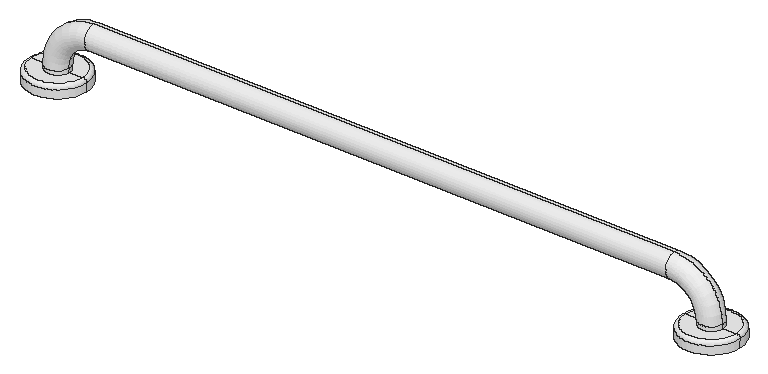
Revit family "Home collection grab rail - straight 900mm-687373C", category Specialty Equipment, host Face, Revit 2015
Parameters (values of type "Home collection grab rail - straight 900mm Chrome")
  URL = "https://www.caroma.com.au/"
  Rail_Width = 900 mm
  Rail_Offset = 71 mm
  Model = "687373C"
  Material_Rail = GWA_Metal-Chrome
  Manufacturer = "GWA Bathrooms & Kitchens"  # constant formula
  Description = "Home collection grab rail - straight 900mm Chrome"
  Default Elevation = 900 mm
  CreatedBy_ANZRS = "GWA Bathrooms & Kitchens"  # constant formula
  Assembly Code = "C1030200"
Types (9, lengths in mm): name | Rail_Width | Rail_Offset | Model | Material_Rail | Description
  (no name) | 900 | 71 | "687373C" | GWA_Metal-Chrome | "Home collection grab rail - straight 900mm Chrome"
  Home collection grab rail - straight 300mm Chrome | 300 | 76 | "687370C" | GWA_Metal-Chrome | "Home collection grab rail - straight 300mm Chrome"
  Home collection grab rail - straight 300mm White | 300 | 76 | "687370W" | GWA-Metal-White | "Home collection grab rail - straight 300mm White"
  Home collection grab rail - straight 450mm Chrome | 450 | 76 | "687371C" | GWA_Metal-Chrome | "Home collection grab rail - straight 450mm Chrome"
  Home collection grab rail - straight 450mm White | 450 | 76 | "687371W" | GWA-Metal-White | "Home collection grab rail - straight 450mm White"
  Home collection grab rail - straight 600mm Chrome | 600 | 71 | "687372C" | GWA_Metal-Chrome | "Home collection grab rail - straight 600mm Chrome"
  Home collection grab rail - straight 600mm White | 600 | 71 | "687372W" | GWA-Metal-White | "Home collection grab rail - straight 600mm White"
  Home collection grab rail - straight 900mm Chrome | 900 | 71 | "687373C" | GWA_Metal-Chrome | "Home collection grab rail - straight 900mm Chrome"
  Home collection grab rail - straight 900mm White | 900 | 71 | "687373W" | GWA-Metal-White | "Home collection grab rail - straight 900mm White"
Reference planes
  plane 1 "Center (Front/Back)": y = 0
  plane 2: z = 0
  plane 3 "Center (Left/Right)": x = 0
  plane 4 "Left": x = -450
  plane 5 "Right": x = 450
  plane 6: z = 71
Forms (mm)
  Sweep 1, solid, material "GWA_Metal-Chrome" <- "Material_Rail"
    path origin (0, 0, 56.664) x (1, 0, 0) y (0, 0, 1)
      loop
        line (-450, -56.664) -> (-450, -35.664)
        arc (-450, -35.664) -> (-435.355, -0.309) -> (-400, 14.336) r 50
        line (-400, 14.336) -> (400, 14.336)
        arc (400, 14.336) -> (435.355, -0.309) -> (450, -35.664) r 50
        line (450, -35.664) -> (450, -56.664)
    profile origin (-450, 0, 10.5) x (-1, 0, 0) y (0, -1, 0)
      loop
        circle (0, 0) r 16
  Revolve 2, solid, material "GWA_Metal-Chrome" <- "Material_Rail"
    sketch origin (0, 0, 0) x (1, 0, 0) y (0, 0, 1)
      loop
        line (-450, 0) -> (-410, 0) -> (-410, 11)
        arc (-410, 11) -> (-411.464, 14.536) -> (-415, 16) r 5
        line (-415, 16) -> (-450, 16) -> (-450, 0)
      axis (-450, 16) -> (-450, 0)
    angle from 0 to 360
  Revolve 3, solid, material "GWA_Metal-Chrome" <- "Material_Rail"
    sketch origin (0, 0, 0) x (1, 0, 0) y (0, 0, 1)
      loop
        line (450, 0) -> (490, 0) -> (490, 11)
        arc (490, 11) -> (488.536, 14.536) -> (485, 16) r 5
        line (485, 16) -> (450, 16) -> (450, 0)
      axis (450, 16) -> (450, 0)
    angle from 0 to 360
Lines and regions (mm)
  Masking region 1
    outline origin (0, 0, 0) x (1, 0, 0) y (0, 1, 0)
      loop
        arc (-413.339, 16) -> (-490, 0) -> (-413.339, -16) r 40
        line (-413.339, -16) -> (413.339, -16)
        arc (413.339, -16) -> (490, 0) -> (413.339, 16) r 40
        line (413.339, 16) -> (-413.339, 16)
  Masking region 2
    outline origin (0, 0, 0) x (1, 0, 0) y (0, 0, 1)
      loop
        line (-410, 0) -> (-410, 11)
        arc (-410, 11) -> (-411.464, 14.536) -> (-415, 16) r 5
        line (-415, 16) -> (-434, 16) -> (-434, 21)
        arc (-434, 21) -> (-424.042, 45.042) -> (-400, 55) r 34
        line (-400, 55) -> (400, 55)
        arc (400, 55) -> (424.042, 45.042) -> (434, 21) r 34
        line (434, 21) -> (434, 16) -> (415, 16)
        arc (415, 16) -> (411.464, 14.536) -> (410, 11) r 5
        line (410, 11) -> (410, 0) -> (490, 0) -> (490, 11)
        arc (490, 11) -> (488.536, 14.536) -> (485, 16) r 5
        line (485, 16) -> (466, 16) -> (466, 21)
        arc (466, 21) -> (446.669, 67.669) -> (400, 87) r 66
        line (400, 87) -> (-400, 87)
        arc (-400, 87) -> (-446.669, 67.669) -> (-466, 21) r 66
        line (-466, 21) -> (-466, 16) -> (-485, 16)
        arc (-485, 16) -> (-488.536, 14.536) -> (-490, 11) r 5
        line (-490, 11) -> (-490, 0) -> (-410, 0)
  Masking region 3
    outline origin (0, 0, 0) x (0, 1, 0) y (0, 0, 1)
      loop
        line (-40, 0) -> (40, 0) -> (40, 11)
        arc (40, 11) -> (38.536, 14.536) -> (35, 16) r 5
        line (35, 16) -> (16, 16) -> (16, 71)
        arc (16, 71) -> (0, 87) -> (-16, 71) r 16
        line (-16, 71) -> (-16, 16) -> (-35, 16)
        arc (-35, 16) -> (-38.536, 14.536) -> (-40, 11) r 5
        line (-40, 11) -> (-40, 0)
  symbolic lines
    curve 1: arc (-450, 16, 0) -> (-466, 0, 0) -> (-450, -16, 0) r 16
    curve 2: arc (450, 16, 0) -> (466, 0, 0) -> (450, -16, 0) r 16
    curve 3: arc (413.339, 16, 0) -> (490, 0, 0) -> (413.339, -16, 0) r 40
    curve 4: arc (-413.339, -16, 0) -> (-490, 0, 0) -> (-413.339, 16, 0) r 40
    curve 5: line (-450, 16, 0) -> (450, 16, 0)
    curve 6: line (450, -16, 0) -> (-450, -16, 0)
    curve 7: line (-450, 0, 0) -> (-490, 0, 0)
    curve 8: line (-490, 0, 0) -> (-490, 0, 11)
    curve 9: line (-410, 0, 0) -> (-410, 0, 11)
    curve 10: line (-415, 0, 16) -> (-485, 0, 16)
    curve 11: arc (-485, 0, 16) -> (-488.536, 0, 14.536) -> (-490, 0, 11) r 5
    curve 12: arc (-415, 0, 16) -> (-411.464, 0, 14.536) -> (-410, 0, 11) r 5
    curve 13: line (-434, 0, 16) -> (-434, 0, 21)
    curve 14: line (-466, 0, 16) -> (-466, 0, 21)
    curve 15: line (490, 0, 0) -> (490, 0, 11)
    curve 16: line (485, 0, 16) -> (415, 0, 16)
    curve 17: line (410, 0, 11) -> (410, 0, 0)
    curve 18: line (410, 0, 0) -> (490, 0, 0)
    curve 19: line (434, 0, 16) -> (434, 0, 21)
    curve 20: line (466, 0, 16) -> (466, 0, 21)
    curve 21: line (400, 0, 87) -> (-400, 0, 87)
    curve 22: line (400, 0, 55) -> (-400, 0, 55)
    curve 23: arc (-434, 0, 21) -> (-424.042, 0, 45.042) -> (-400, 0, 55) r 34
    curve 24: arc (400, 0, 55) -> (424.042, 0, 45.042) -> (434, 0, 21) r 34
    curve 25: arc (-466, 0, 21) -> (-446.669, 0, 67.669) -> (-400, 0, 87) r 66
    curve 26: arc (400, 0, 87) -> (446.669, 0, 67.669) -> (466, 0, 21) r 66
    curve 27: arc (410, 0, 11) -> (411.464, 0, 14.536) -> (415, 0, 16) r 5
    curve 28: arc (485, 0, 16) -> (488.536, 0, 14.536) -> (490, 0, 11) r 5
    curve 29: line (0, -40, 0) -> (0, -40, 11)
    curve 30: line (0, -35, 16) -> (0, 35, 16)
    curve 31: line (0, 40, 11) -> (0, 40, 0)
    curve 32: line (0, 40, 0) -> (0, -40, 0)
    curve 33: line (0, -16, 16) -> (0, -16, 71)
    curve 34: line (0, 16, 16) -> (0, 16, 71)
    curve 35: arc (0, -40, 11) -> (0, -38.536, 14.536) -> (0, -35, 16) r 5
    curve 36: arc (0, 35, 16) -> (0, 38.536, 14.536) -> (0, 40, 11) r 5
    curve 37: arc (0, -16, 71) -> (0, 0, 87) -> (0, 16, 71) r 16
Dimensions and locks
  "Rail_Width": plane 4 "Left" to plane 5 "Right"
  equal spacing: plane 4 "Left", plane 3 "Center (Left/Right)", plane 5 "Right"
  "Rail_Offset": level to plane 6
  curve 21 to plane 6 = 16 mm
  curve 16 to curve 18 = 16 mm
  radius of Sweep 1 sketch curve = 50 mm  (x2)
  aligned and locked: plane 2 to host face
  aligned and locked: level to host face
  aligned and locked: Revolve 3 to Sweep 1 sketch curve
  aligned and locked: Sweep 1 sketch curve to curve 7
Automatic sketch dimensions
  host sketch curve to host sketch curve = 1402.285 mm
  host sketch curve to host sketch curve = 393.94 mm
  plane 1 "Center (Front/Back)" to Sweep 1 sketch curve = 0 mm
  Sweep 1 sketch curve to profile plane = 0 mm
  Revolve 2 sketch curve to level = 0 mm
  Revolve 2 sketch curve to plane 4 "Left" = 0 mm  (x2)
  level to Revolve 2 sketch curve = 11 mm
  plane 4 "Left" to Revolve 2 sketch curve = 35 mm
  Revolve 2 sketch curve to Revolve 2 sketch curve = 5 mm
  Revolve 2 sketch curve to Revolve 2 sketch curve = 12.981 mm
  Revolve 2 sketch curve to Revolve 2 sketch curve = 10 mm
  Revolve 3 sketch curve to level = 0 mm
  Revolve 3 sketch curve to plane 5 "Right" = 0 mm  (x2)
  level to Revolve 3 sketch curve = 11 mm
  plane 5 "Right" to Revolve 3 sketch curve = 35 mm
  Revolve 3 sketch curve to Revolve 3 sketch curve = 5 mm
  Revolve 3 sketch curve to Revolve 3 sketch curve = 20 mm
  Revolve 3 sketch curve to Revolve 3 sketch curve = 45 mm
  plane 1 "Center (Front/Back)" to Masking region 1 sketch curve = 0 mm  (x2)
  Masking region 1 sketch curve to plane 4 "Left" = 0 mm
  Masking region 1 sketch curve to plane 5 "Right" = 0 mm
  Masking region 1 sketch curve to plane 1 "Center (Front/Back)" = 16 mm
  plane 4 "Left" to Masking region 1 sketch curve = 36.661 mm
  Masking region 1 sketch curve to plane 5 "Right" = 36.661 mm
  plane 1 "Center (Front/Back)" to Masking region 1 sketch curve = 16 mm
  curve 23 to curve 25 = 0 mm  (x2)
  curve 24 to curve 26 = 0 mm  (x2)
  curve 7 to level = 0 mm
  curve 7 to plane 4 "Left" = 0 mm
  curve 9 to level = 0 mm
  curve 17 to level = 0 mm
  level to curve 11 = 11 mm
  curve 11 to curve 14 = 19 mm
  curve 8 to curve 11 = 5 mm
  plane 4 "Left" to curve 13 = 16 mm
  curve 13 to curve 12 = 19 mm
  curve 12 to curve 9 = 5 mm
  curve 12 to curve 25 = 10 mm
  curve 26 to curve 17 = 10 mm
  curve 17 to curve 27 = 5 mm
  curve 19 to plane 5 "Right" = 16 mm
  curve 20 to curve 28 = 19 mm
  curve 28 to curve 18 = 5 mm
  Sweep 1 sketch curve to plane 4 "Left" = 0 mm
  Sweep 1 sketch curve to plane 5 "Right" = 0 mm
  plane 6 to Sweep 1 sketch curve = 0 mm
  curve 24 to curve 19 = 34 mm
  curve 14 to plane 4 "Left" = 16 mm
  Masking region 2 sketch curve to Masking region 2 sketch curve = 0 mm  (x4)
  Masking region 2 sketch curve to level = 0 mm  (x2)
  Masking region 2 sketch curve to plane 4 "Left" = 40 mm
  Masking region 2 sketch curve to Masking region 2 sketch curve = 5 mm  (x4)
  Masking region 2 sketch curve to plane 4 "Left" = 16 mm
  plane 4 "Left" to Masking region 2 sketch curve = 16 mm
  Masking region 2 sketch curve to Masking region 2 sketch curve = 19 mm  (x2)
  Masking region 2 sketch curve to plane 6 = 16 mm
  Masking region 2 sketch curve to Masking region 2 sketch curve = 34 mm
  Masking region 2 sketch curve to plane 5 "Right" = 50 mm
  Masking region 2 sketch curve to plane 5 "Right" = 40 mm
  Masking region 2 sketch curve to plane 5 "Right" = 16 mm
  level to Masking region 2 sketch curve = 11 mm  (x4)
  curve 29 to level = 0 mm
  curve 37 to plane 6 = 0 mm
  curve 37 to plane 1 "Center (Front/Back)" = 0 mm
  level to curve 35 = 11 mm
  plane 1 "Center (Front/Back)" to curve 35 = 35 mm
  curve 32 to curve 35 = 5 mm
  level to curve 36 = 11 mm
  curve 36 to plane 1 "Center (Front/Back)" = 35 mm
  plane 1 "Center (Front/Back)" to curve 33 = 16 mm
  Masking region 3 sketch curve to level = 0 mm
  Masking region 3 sketch curve to plane 6 = 0 mm
  Masking region 3 sketch curve to plane 1 "Center (Front/Back)" = 0 mm
  plane 1 "Center (Front/Back)" to Masking region 3 sketch curve = 16 mm
  level to Masking region 3 sketch curve = 11 mm  (x2)
  Masking region 3 sketch curve to Masking region 3 sketch curve = 19 mm  (x2)
  Masking region 3 sketch curve to Masking region 3 sketch curve = 5 mm  (x2)
  curve 1 to curve 4 = 0 mm  (x2)
  curve 2 to curve 3 = 0 mm  (x2)
  plane 1 "Center (Front/Back)" to curve 1 = 0 mm
  curve 1 to plane 4 "Left" = 0 mm
  curve 2 to plane 5 "Right" = 0 mm
  plane 4 "Left" to curve 4 = 36.661 mm
  curve 3 to curve 2 = 36.661 mm
  curve 3 to plane 1 "Center (Front/Back)" = 16 mm
  radius of Sweep 1 sketch curve = 16 mm
